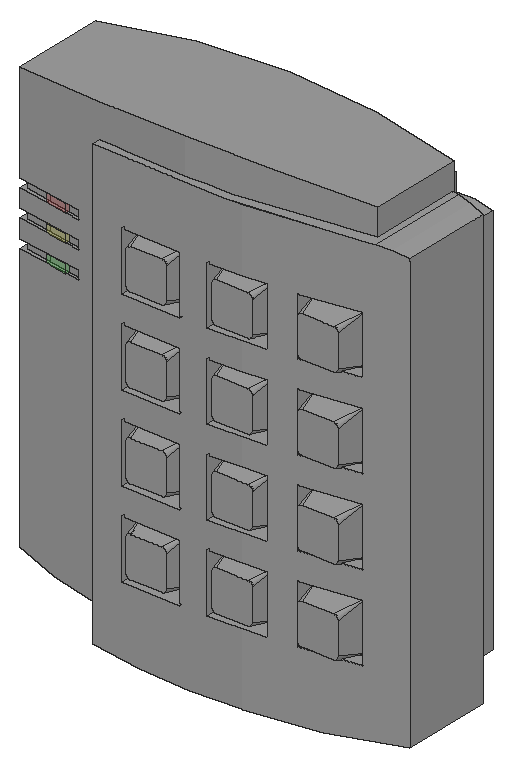
Revit family "STS-708M_RV17_LOD_400", category Электрооборудование, Revit 2017 (continued)
Automatic sketch dimensions
  Sweep 6 sketch curve to profile plane = 39.5 mm
  Sweep 6 sketch curve to Sweep 6 sketch curve = 79 mm
  Sweep 6 sketch curve to Sweep 6 sketch curve = 2 mm
  Sweep 6 sketch curve to Sweep 6 sketch curve = 389.063 mm
  profile plane to Sweep 7 sketch curve = 0 mm
  Sweep 7 sketch curve to profile plane = 0.769 mm
  Sweep 7 sketch curve to profile plane = 8 mm
  Sweep 7 sketch curve to Sweep 7 sketch curve = 1 mm  (x2)
  Extrusion 8 sketch curve to Extrusion 8 sketch curve = 0 mm  (x4)
  Extrusion 8 sketch curve to Extrusion 8 sketch curve = 4 mm  (x2)
  Extrusion 8 sketch curve to Extrusion 8 sketch curve = 2 mm  (x3)
  Extrusion 9 sketch curve to Extrusion 9 sketch curve = 0 mm  (x4)
  Extrusion 9 sketch curve to Extrusion 9 sketch curve = 15 mm
  Extrusion 9 sketch curve to Extrusion 9 sketch curve = 4 mm  (x2)
  Extrusion 9 sketch curve to Extrusion 9 sketch curve = 2 mm  (x3)
  Extrusion 10 sketch curve to Extrusion 10 sketch curve = 5 mm
  Extrusion 11 sketch curve to Extrusion 11 sketch curve = 5 mm
  Extrusion 11 sketch curve to Extrusion 11 sketch curve = 2 mm
  Extrusion 12 sketch curve to Extrusion 12 sketch curve = 5 mm
  Extrusion 12 sketch curve to Extrusion 12 sketch curve = 2 mm
  Extrusion 13 sketch curve to Extrusion 13 sketch curve = 0 mm  (x18)
  Extrusion 13 sketch curve to Extrusion 13 sketch curve = 6 mm  (x14)
  Extrusion 13 sketch curve to Extrusion 13 sketch curve = 13 mm  (x14)
  Blend 14 sketch curve to Blend 14 sketch curve = 1 mm  (x3)
  Blend 14 sketch curve to Blend 14 sketch curve = 7 mm  (x3)
  Blend 15 sketch curve to Blend 15 sketch curve = 1 mm  (x3)
  Blend 15 sketch curve to Blend 15 sketch curve = 7 mm  (x3)
  Blend 16 sketch curve to Blend 16 sketch curve = 1 mm  (x3)
  Blend 16 sketch curve to Blend 16 sketch curve = 7 mm  (x3)
  Blend 17 sketch curve to Blend 17 sketch curve = 11 mm  (x2)
  Blend 17 sketch curve to Blend 17 sketch curve = 1 mm  (x4)
  Blend 17 sketch curve to Blend 17 sketch curve = 7 mm  (x2)
  Blend 18 sketch curve to Blend 18 sketch curve = 11 mm  (x2)
  Blend 18 sketch curve to Blend 18 sketch curve = 1 mm  (x4)
  Blend 18 sketch curve to Blend 18 sketch curve = 7 mm  (x2)
  Blend 19 sketch curve to Blend 19 sketch curve = 11 mm  (x2)
  Blend 19 sketch curve to Blend 19 sketch curve = 1 mm  (x4)
  Blend 19 sketch curve to Blend 19 sketch curve = 7 mm  (x2)
  Blend 20 sketch curve to Blend 20 sketch curve = 11 mm  (x2)
  Blend 20 sketch curve to Blend 20 sketch curve = 1 mm  (x4)
  Blend 20 sketch curve to Blend 20 sketch curve = 7 mm  (x2)
  Blend 21 sketch curve to Blend 21 sketch curve = 11 mm  (x2)
  Blend 21 sketch curve to Blend 21 sketch curve = 1 mm  (x4)
  Blend 21 sketch curve to Blend 21 sketch curve = 7 mm  (x2)
  Blend 22 sketch curve to Blend 22 sketch curve = 11 mm  (x2)
  Blend 22 sketch curve to Blend 22 sketch curve = 1 mm  (x4)
  Blend 22 sketch curve to Blend 22 sketch curve = 7 mm  (x2)
  Blend 23 sketch curve to Blend 23 sketch curve = 11 mm  (x2)
  Blend 23 sketch curve to Blend 23 sketch curve = 1 mm  (x4)
  Blend 23 sketch curve to Blend 23 sketch curve = 7 mm  (x2)
  Blend 24 sketch curve to Blend 24 sketch curve = 11 mm  (x2)
  Blend 24 sketch curve to Blend 24 sketch curve = 1 mm  (x4)
  Blend 24 sketch curve to Blend 24 sketch curve = 7 mm  (x2)
  Blend 25 sketch curve to Blend 25 sketch curve = 11 mm  (x2)
  Blend 25 sketch curve to Blend 25 sketch curve = 1 mm  (x4)
  Blend 25 sketch curve to Blend 25 sketch curve = 7 mm  (x2)
  Extrusion 1 sketch curve to Extrusion 1 sketch curve = 39.5 mm  (x2)
  Extrusion 1 sketch curve to Extrusion 1 sketch curve = 79 mm
  Extrusion 1 sketch curve to Extrusion 1 sketch curve = 172.031 mm  (x2)
  Extrusion 1 sketch curve to Extrusion 1 sketch curve = 21 mm
  Extrusion 2 sketch curve to Extrusion 2 sketch curve = 20.793 mm
  Extrusion 2 sketch curve to Extrusion 2 sketch curve = 20.92 mm
  Extrusion 2 sketch curve to Extrusion 2 sketch curve = 67 mm
  Extrusion 2 sketch curve to Extrusion 2 sketch curve = 164.379 mm
  Extrusion 2 sketch curve to Extrusion 2 sketch curve = 4 mm
  Extrusion 2 sketch curve to Extrusion 2 sketch curve = 20 mm
  Extrusion 3 sketch curve to Extrusion 3 sketch curve = 17.5 mm
  Extrusion 3 sketch curve to Extrusion 3 sketch curve = 20 mm
  Extrusion 3 sketch curve to Extrusion 3 sketch curve = 14.5 mm
  Extrusion 3 sketch curve to Extrusion 3 sketch curve = 43.751 mm
  Extrusion 3 sketch curve to Extrusion 3 sketch curve = 51.5 mm
  Extrusion 3 sketch curve to Extrusion 3 sketch curve = 1.487 mm
  Extrusion 3 sketch curve to Extrusion 3 sketch curve = 57 mm
  Extrusion 3 sketch curve to Extrusion 3 sketch curve = 501.625 mm
  Extrusion 3 sketch curve to Extrusion 3 sketch curve = 1 mm
  Extrusion 3 sketch curve to Extrusion 3 sketch curve = 4 mm
  Extrusion 3 sketch curve to Extrusion 3 sketch curve = 3 mm
  Extrusion 3 sketch curve to Extrusion 3 sketch curve = 12.9 mm
  Extrusion 3 sketch curve to Extrusion 3 sketch curve = 19.6 mm
  Extrusion 3 sketch curve to Extrusion 3 sketch curve = 37.5 mm
  Sweep 4 sketch curve to Sweep 4 sketch curve = 33.345 mm
  Sweep 4 sketch curve to profile plane = 2 mm
  profile plane to Sweep 4 sketch curve = 2 mm
  Sweep 5 sketch curve to Sweep 5 sketch curve = 30 mm
  Sweep 5 sketch curve to profile plane = 0 mm
  Sweep 5 sketch curve to profile plane = 2 mm
  profile plane to Sweep 5 sketch curve = 3 mm
  Sweep 6 sketch curve to Sweep 6 sketch curve = 35 mm
  Sweep 6 sketch curve to profile plane = 391.063 mm
  Sweep 7 sketch curve to Sweep 7 sketch curve = 26.302 mm
  Sweep 7 sketch curve to profile plane = 0 mm
  Sweep 7 sketch curve to profile plane = 1 mm
  Extrusion 8 sketch curve to Extrusion 8 sketch curve = 11 mm
  Extrusion 10 sketch curve to Extrusion 10 sketch curve = 2 mm
  Blend 14 sketch curve to Blend 14 sketch curve = 11 mm  (x2)
  Blend 15 sketch curve to Blend 15 sketch curve = 11 mm  (x2)
  Blend 16 sketch curve to Blend 16 sketch curve = 11 mm  (x2)
  profile plane to Sweep 29 sketch curve = 0 mm
  profile plane to Sweep 29 sketch curve = 1 mm  (x2)
  Sweep 29 sketch curve to profile plane = 27.927 mm
  Sweep 29 sketch curve to profile plane = 67 mm
  Sweep 29 sketch curve to Sweep 29 sketch curve = 1 mm
  profile plane to Sweep 30 sketch curve = 0 mm
  profile plane to Sweep 30 sketch curve = 1.03 mm
  profile plane to Sweep 30 sketch curve = 20 mm
  Sweep 30 sketch curve to Sweep 30 sketch curve = 1.767 mm
  profile plane to Sweep 31 sketch curve = 0 mm
  profile plane to Sweep 31 sketch curve = 2 mm  (x2)
  Sweep 31 sketch curve to profile plane = 39.5 mm
  Sweep 31 sketch curve to Sweep 31 sketch curve = 79 mm
  Sweep 31 sketch curve to Sweep 31 sketch curve = 2 mm
  Sweep 31 sketch curve to Sweep 31 sketch curve = 389.063 mm
  profile plane to Sweep 32 sketch curve = 0 mm
  Sweep 32 sketch curve to profile plane = 0.769 mm
  Sweep 32 sketch curve to profile plane = 8 mm
  Sweep 32 sketch curve to Sweep 32 sketch curve = 1 mm  (x2)
  Extrusion 33 sketch curve to Extrusion 33 sketch curve = 0 mm  (x4)
  Extrusion 33 sketch curve to Extrusion 33 sketch curve = 4 mm  (x2)
  Extrusion 33 sketch curve to Extrusion 33 sketch curve = 2 mm  (x3)
  Extrusion 34 sketch curve to Extrusion 34 sketch curve = 0 mm  (x4)
  Extrusion 34 sketch curve to Extrusion 34 sketch curve = 15 mm
  Extrusion 34 sketch curve to Extrusion 34 sketch curve = 4 mm  (x2)
  Extrusion 34 sketch curve to Extrusion 34 sketch curve = 2 mm  (x3)
  Extrusion 35 sketch curve to Extrusion 35 sketch curve = 5 mm
  Extrusion 36 sketch curve to Extrusion 36 sketch curve = 5 mm
  Extrusion 36 sketch curve to Extrusion 36 sketch curve = 2 mm
  Extrusion 37 sketch curve to Extrusion 37 sketch curve = 5 mm
  Extrusion 37 sketch curve to Extrusion 37 sketch curve = 2 mm
  Extrusion 38 sketch curve to Extrusion 38 sketch curve = 0 mm  (x18)
  Extrusion 38 sketch curve to Extrusion 38 sketch curve = 6 mm  (x14)
  Extrusion 38 sketch curve to Extrusion 38 sketch curve = 13 mm  (x14)
  Blend 39 sketch curve to Blend 39 sketch curve = 1 mm  (x3)
  Blend 39 sketch curve to Blend 39 sketch curve = 7 mm  (x3)
  Blend 40 sketch curve to Blend 40 sketch curve = 1 mm  (x3)
  Blend 40 sketch curve to Blend 40 sketch curve = 7 mm  (x3)
  Blend 41 sketch curve to Blend 41 sketch curve = 1 mm  (x3)
  Blend 41 sketch curve to Blend 41 sketch curve = 7 mm  (x3)
  Blend 42 sketch curve to Blend 42 sketch curve = 11 mm  (x2)
  Blend 42 sketch curve to Blend 42 sketch curve = 1 mm  (x4)
  Blend 42 sketch curve to Blend 42 sketch curve = 7 mm  (x2)
  Blend 43 sketch curve to Blend 43 sketch curve = 11 mm  (x2)
  Blend 43 sketch curve to Blend 43 sketch curve = 1 mm  (x4)
  Blend 43 sketch curve to Blend 43 sketch curve = 7 mm  (x2)
  Blend 44 sketch curve to Blend 44 sketch curve = 11 mm  (x2)
  Blend 44 sketch curve to Blend 44 sketch curve = 1 mm  (x4)
  Blend 44 sketch curve to Blend 44 sketch curve = 7 mm  (x2)
  Blend 45 sketch curve to Blend 45 sketch curve = 11 mm  (x2)
  Blend 45 sketch curve to Blend 45 sketch curve = 1 mm  (x4)
  Blend 45 sketch curve to Blend 45 sketch curve = 7 mm  (x2)
  Blend 46 sketch curve to Blend 46 sketch curve = 11 mm  (x2)
  Blend 46 sketch curve to Blend 46 sketch curve = 1 mm  (x4)
  Blend 46 sketch curve to Blend 46 sketch curve = 7 mm  (x2)
  Blend 47 sketch curve to Blend 47 sketch curve = 11 mm  (x2)
  Blend 47 sketch curve to Blend 47 sketch curve = 1 mm  (x4)
  Blend 47 sketch curve to Blend 47 sketch curve = 7 mm  (x2)
  Blend 48 sketch curve to Blend 48 sketch curve = 11 mm  (x2)
  Blend 48 sketch curve to Blend 48 sketch curve = 1 mm  (x4)
  Blend 48 sketch curve to Blend 48 sketch curve = 7 mm  (x2)
  Blend 49 sketch curve to Blend 49 sketch curve = 11 mm  (x2)
  Blend 49 sketch curve to Blend 49 sketch curve = 1 mm  (x4)
  Blend 49 sketch curve to Blend 49 sketch curve = 7 mm  (x2)
  Blend 50 sketch curve to Blend 50 sketch curve = 11 mm  (x2)
  Blend 50 sketch curve to Blend 50 sketch curve = 1 mm  (x4)
  Blend 50 sketch curve to Blend 50 sketch curve = 7 mm  (x2)
  Extrusion 26 sketch curve to Extrusion 26 sketch curve = 39.5 mm  (x2)
  Extrusion 26 sketch curve to Extrusion 26 sketch curve = 79 mm
  Extrusion 26 sketch curve to Extrusion 26 sketch curve = 172.031 mm  (x2)
  Extrusion 26 sketch curve to Extrusion 26 sketch curve = 21 mm
  Extrusion 27 sketch curve to Extrusion 27 sketch curve = 20.793 mm
  Extrusion 27 sketch curve to Extrusion 27 sketch curve = 20.92 mm
  Extrusion 27 sketch curve to Extrusion 27 sketch curve = 67 mm
  Extrusion 27 sketch curve to Extrusion 27 sketch curve = 164.379 mm
  Extrusion 27 sketch curve to Extrusion 27 sketch curve = 4 mm
  Extrusion 27 sketch curve to Extrusion 27 sketch curve = 20 mm
  Extrusion 28 sketch curve to Extrusion 28 sketch curve = 17.5 mm
  Extrusion 28 sketch curve to Extrusion 28 sketch curve = 20 mm
  Extrusion 28 sketch curve to Extrusion 28 sketch curve = 14.5 mm
  Extrusion 28 sketch curve to Extrusion 28 sketch curve = 43.751 mm
  Extrusion 28 sketch curve to Extrusion 28 sketch curve = 51.5 mm
  Extrusion 28 sketch curve to Extrusion 28 sketch curve = 1.487 mm
  Extrusion 28 sketch curve to Extrusion 28 sketch curve = 57 mm
  Extrusion 28 sketch curve to Extrusion 28 sketch curve = 501.625 mm
  Extrusion 28 sketch curve to Extrusion 28 sketch curve = 1 mm
  Extrusion 28 sketch curve to Extrusion 28 sketch curve = 4 mm
  Extrusion 28 sketch curve to Extrusion 28 sketch curve = 3 mm
  Extrusion 28 sketch curve to Extrusion 28 sketch curve = 12.9 mm
  Extrusion 28 sketch curve to Extrusion 28 sketch curve = 19.6 mm
  Extrusion 28 sketch curve to Extrusion 28 sketch curve = 37.5 mm
  Sweep 29 sketch curve to Sweep 29 sketch curve = 33.345 mm
  Sweep 29 sketch curve to profile plane = 2 mm
  profile plane to Sweep 29 sketch curve = 2 mm
  Sweep 30 sketch curve to Sweep 30 sketch curve = 30 mm
  Sweep 30 sketch curve to profile plane = 0 mm
  Sweep 30 sketch curve to profile plane = 2 mm
  profile plane to Sweep 30 sketch curve = 3 mm
  Sweep 31 sketch curve to Sweep 31 sketch curve = 35 mm
  Sweep 31 sketch curve to profile plane = 391.063 mm
  Sweep 32 sketch curve to Sweep 32 sketch curve = 26.302 mm
  Sweep 32 sketch curve to profile plane = 0 mm
  Sweep 32 sketch curve to profile plane = 1 mm
  Extrusion 33 sketch curve to Extrusion 33 sketch curve = 11 mm
  Extrusion 35 sketch curve to Extrusion 35 sketch curve = 2 mm
  Blend 39 sketch curve to Blend 39 sketch curve = 11 mm  (x2)
  Blend 40 sketch curve to Blend 40 sketch curve = 11 mm  (x2)
  Blend 41 sketch curve to Blend 41 sketch curve = 11 mm  (x2)
  Extrusion 1 sketch curve to plane 6 "7" = 0 mm
  Extrusion 1 sketch curve to plane 1 "По центру (Вперед/Назад)" = 165.031 mm
  Extrusion 2 sketch curve to plane 9 = 0 mm
  Extrusion 2 sketch curve to plane 5 = 0 mm
  Extrusion 3 sketch curve to plane 6 "7" = 5 mm
  Extrusion 3 sketch curve to level = 495.625 mm
  Sweep 4 sketch curve to plane 4 "6" = 0 mm
  Sweep 4 sketch curve to plane 6 "7" = 20 mm
  Sweep 5 sketch curve to plane 9 = 0 mm
  Sweep 5 sketch curve to plane 6 "7" = 20 mm
  Sweep 6 sketch curve to plane 4 "6" = 0 mm
  Sweep 6 sketch curve to plane 6 "7" = 0 mm
  plane 8 to Sweep 7 sketch curve = 1.698 mm
  Sweep 7 sketch curve to plane 5 = 8 mm
  plane 8 to Extrusion 8 sketch curve = 13 mm
  Extrusion 8 sketch curve to plane 7 "вверх" = 38 mm
  Extrusion 9 sketch curve to plane 7 "вверх" = 32 mm
  Extrusion 10 sketch curve to plane 7 "вверх" = 24 mm
  Extrusion 11 sketch curve to plane 7 "вверх" = 30 mm
  Extrusion 12 sketch curve to plane 7 "вверх" = 36 mm
  Extrusion 13 sketch curve to plane 5 = 9 mm
  level to Extrusion 13 sketch curve = 16 mm
  Blend 14 sketch curve to plane 3 "По центру (Влево/Вправо)" = 4.5 mm
  Blend 14 sketch curve to plane 7 "вверх" = 34 mm
  Blend 14 sketch curve to plane 3 "По центру (Влево/Вправо)" = 5.5 mm
  Blend 14 sketch curve to plane 7 "вверх" = 33 mm
  plane 3 "По центру (Влево/Вправо)" to Blend 15 sketch curve = 14.5 mm
  Blend 15 sketch curve to plane 7 "вверх" = 34 mm
  plane 3 "По центру (Влево/Вправо)" to Blend 15 sketch curve = 13.5 mm
  Blend 15 sketch curve to plane 7 "вверх" = 33 mm
  Blend 16 sketch curve to plane 5 = 10 mm
  Blend 16 sketch curve to plane 7 "вверх" = 34 mm
  Blend 16 sketch curve to plane 5 = 11 mm
  Blend 16 sketch curve to plane 7 "вверх" = 33 mm
  Blend 17 sketch curve to plane 3 "По центру (Влево/Вправо)" = 4.5 mm
  Blend 17 sketch curve to plane 7 "вверх" = 53 mm
  Blend 17 sketch curve to plane 3 "По центру (Влево/Вправо)" = 5.5 mm
  Blend 17 sketch curve to plane 7 "вверх" = 52 mm
  plane 3 "По центру (Влево/Вправо)" to Blend 18 sketch curve = 14.5 mm
  Blend 18 sketch curve to plane 7 "вверх" = 53 mm
  plane 3 "По центру (Влево/Вправо)" to Blend 18 sketch curve = 13.5 mm
  Blend 18 sketch curve to plane 7 "вверх" = 52 mm
  Blend 19 sketch curve to plane 5 = 10 mm
  Blend 19 sketch curve to plane 7 "вверх" = 53 mm
  Blend 19 sketch curve to plane 5 = 11 mm
  Blend 19 sketch curve to plane 7 "вверх" = 52 mm
  Blend 20 sketch curve to plane 3 "По центру (Влево/Вправо)" = 4.5 mm
  level to Blend 20 sketch curve = 36 mm
  Blend 20 sketch curve to plane 3 "По центру (Влево/Вправо)" = 5.5 mm
  level to Blend 20 sketch curve = 37 mm
  plane 3 "По центру (Влево/Вправо)" to Blend 21 sketch curve = 14.5 mm
  level to Blend 21 sketch curve = 36 mm
  plane 3 "По центру (Влево/Вправо)" to Blend 21 sketch curve = 13.5 mm
  level to Blend 21 sketch curve = 37 mm
  Blend 22 sketch curve to plane 5 = 10 mm
  level to Blend 22 sketch curve = 36 mm
  Blend 22 sketch curve to plane 5 = 11 mm
  level to Blend 22 sketch curve = 37 mm
  Blend 23 sketch curve to plane 3 "По центру (Влево/Вправо)" = 4.5 mm
  level to Blend 23 sketch curve = 17 mm
  Blend 23 sketch curve to plane 3 "По центру (Влево/Вправо)" = 5.5 mm
  level to Blend 23 sketch curve = 18 mm
  plane 3 "По центру (Влево/Вправо)" to Blend 24 sketch curve = 14.5 mm
  level to Blend 24 sketch curve = 17 mm
  plane 3 "По центру (Влево/Вправо)" to Blend 24 sketch curve = 13.5 mm
  level to Blend 24 sketch curve = 18 mm
  Blend 25 sketch curve to plane 5 = 10 mm
  level to Blend 25 sketch curve = 17 mm
  Blend 25 sketch curve to plane 5 = 11 mm
  level to Blend 25 sketch curve = 18 mm
Nested families
  nested 1: "УГО_Кодонаборная панель" at (0, 0, 0), visible <- "Видимость_УГО", type "УГО_Кодонаборная панель"
Connectors
  electrical at (3, 0, 52.875)
    settings: on cut or joined group 1 (Extrusion 1, Extrusion 2, Extrusion 3, Sweep 4, Sweep 5, Sweep 6, Sweep 7, Extrusion 8, Extrusion 9, Extrusion 13), index 1, voltage 0 V, apparent load 0 VA, apparent load phase1 0 VA, apparent load phase2 0 VA, apparent load phase3 0 VA, power factor 1, load classification "Прочее", number of poles 1, system type 31, power factor state 1, is connector primary yes, connector utility no, sub classification motor no, connector description ""
  cabletrayconduit at (3, 0, 52.875), diameter 20, driven by "d короба"
    settings: on cut or joined group 1, index 2, connector width 300 mm, connector height 300 mm, connector angle 0.00°, system type 32, placement type 0, profile type 0, connector reference index -1, is primary connector yes, connector utility param no, connector description ""
Definition of nested family "УГО_Кодонаборная панель"
  Reference planes
    plane 1: y = 0
    plane 2: x = 0
  Lines and regions (mm)
    Filled region 1, type "Цветовая область 1"
      outline origin (0, 0, 0) x (1, 0, 0) y (0, 1, 0)
        loop
          line (-2, -1.007) -> (-2, -7.007) -> (2, -7.007) -> (2, -1.007) -> (-2, -1.007)
    detail lines
      curve 1: line (3, 0, 0) -> (3, -8, 0)
      curve 2: line (3, -8, 0) -> (-3, -8, 0)
      curve 3: line (-3, -8, 0) -> (-3, 0, 0)
      curve 4: line (-3, 0, 0) -> (3, 0, 0)
      curve 5: line (2, -1.007, 0) -> (2, -7.007, 0)
      curve 6: line (2, -7.007, 0) -> (-2, -7.007, 0)
      curve 7: line (-2, -7.007, 0) -> (-2, -1.007, 0)
      curve 8: line (-2, -1.007, 0) -> (2, -1.007, 0)
    detail lines, not visible
      curve 9: line (3, 0, 0) -> (3, -8, 0)
      curve 10: line (3, -8, 0) -> (-3, -8, 0)
      curve 11: line (-3, -8, 0) -> (-3, 0, 0)
      curve 12: line (-3, 0, 0) -> (3, 0, 0)
      curve 13: line (2, -1.007, 0) -> (2, -7.007, 0)
      curve 14: line (2, -7.007, 0) -> (-2, -7.007, 0)
      curve 15: line (-2, -7.007, 0) -> (-2, -1.007, 0)
      curve 16: line (-2, -1.007, 0) -> (2, -1.007, 0)
  Dimensions and locks
    aligned and locked: plane 1 to curve 4
    aligned and locked: Filled region 1 sketch curve to curve 8
    aligned and locked: Filled region 1 sketch curve to curve 7
    aligned and locked: Filled region 1 sketch curve to curve 6
    aligned and locked: Filled region 1 sketch curve to curve 5
